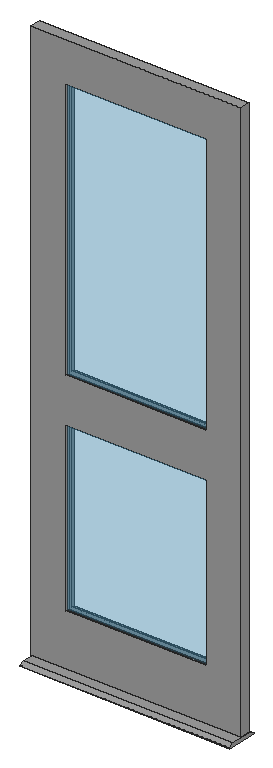
Revit family "PFM DOOR-1-CHD-SF_v02", category Curtain Panels, Revit 2015
Parameters
  Width [instance] = 3' - 2"
  URL = "obe.com"
  Rough Width [instance] = 3' - 0"
  Offset [instance] = 0' - 0"
  Model = "PFM DOOR"
  Min-Max Rough Width [instance] = if(and((Rough Width > 2' 11 255/256"), (Rough Width < 3' 6 1/256")), Rough Width, 3' 0")  # 3' - 0"
  Manufacturer = "Oldcastle BuildingEnvelope®"
  Keynote = "08 11 00"
  Hinge [instance] = yes
  Height [instance] = 8' - 0"
  Glass Material = Glass
  Frame Material = Aluminum
  Door Panel Height [instance] = Height + 0' 0 1/8"  # 8' - 0 1/8"
  Description = "PerforMax Wide Stile Entrances - 1\" Door Infill"
  Assembly Code = "B2030"
  Analytic Construction = "<None>"
  6 Bottom Rail [instance] = yes
  10 Bottom Rail [instance] = not([6 Bottom Rail])  # no
Reference planes (in)
  plane 1 "Front": y = 0
  plane 2: z = 0
  plane 3 "Center (Left/Right)": x = 0
  plane 4 "Left": x = -19
  plane 5 "Right": x = 19
  plane 6 "Top": z = 96
  plane 7: x = -18
  plane 8: x = 18
Text (in)
  text "Exterior" at (-54.29358, 31.38743, 0), in view "Ref. Level"
  text "Exterior" at (480, 41.53993, 89.60405), in view "Right"
  text "Exterior" at (-240, 57.82419, 105.78864), in view "Left"
Dimensions and locks (in)
  equal spacing: plane 4 "Left", plane 3 "Center (Left/Right)", plane 5 "Right"
  "Width": plane 4 "Left" to plane 5 "Right"
  "Height": plane 6 "Top" to plane 2
  equal spacing: plane 7, plane 3 "Center (Left/Right)", plane 8
  "Min-Max Rough Width": plane 7 to plane 8
  aligned and locked: level to plane 2
  aligned and locked: plane 3 "Center (Left/Right)" to nested 1
  aligned and locked: plane 1 "Front" to nested 1
Nested families (in)
  nested 1: "PFM DOOR-1-CHD-Panel_v02" at (0, -22, 0), Frame Material <- "Frame Material", Glass Material <- "Glass Material", Hinge <- "Hinge", Height <- "Door Panel Height", Width <- "Min-Max Rough Width", 6 Bottom Rail <- "6 Bottom Rail", Offset <- "Offset", type "PFM DOOR-1-CHD-Panel_v02"
    with built-in parameter 1001301 3' - 0", Pushbar Height 3' - 5 1/4", Offset 0' - 0", Hinge yes, built-in parameter 1001300 8' - 0 1/8", Glass Material Glass, Frame Material Aluminum, Bottom Rail 0' - 8 29/32", 6 Bottom Rail yes, 10 Bottom Rail no
Definition of nested family "PFM DOOR-1-CHD-Panel_v02"
  Parameters (values of type "PFM DOOR-1-CHD-Panel_v02")
    Width [instance] = 3' - 0"
    Rough Width = 3' - 6"
    Rough Height = 8' - 0"
    Pushbar Height [instance] = 3' - 5 1/4"  # constant formula
    Offset [instance] = 0' - 3"
    Hinge [instance] = yes
    Height [instance] = 8' - 0"
    Glass Material [instance] = none
    Frame Material [instance] = none
    Bottom Rail [instance] = if([10 Bottom Rail], 0' 10 29/32", 0' 8 29/32")  # 0' - 8 29/32"
    Analytic Construction = "<None>"
    6 Bottom Rail [instance] = yes
    10 Bottom Rail [instance] = not([6 Bottom Rail])  # no
  Reference planes (in)
    plane 1 "00": y = 18.03125
    plane 2: z = 0
    plane 3 "Center (Left/Right)": x = 0
    plane 4: z = 96
    plane 5: x = -18
    plane 6: x = 18
    plane 7 "Center (Front/Back)": y = 22
    plane 8 "Exterior": y = 18.53125
    plane 9: z = 48
    plane 10: z = 89.531
    plane 11: z = 8.90625
    plane 12: x = -12.4065
    plane 13 "Offset": y = 19
    plane 14: z = 37.9685
    plane 15: z = 44.5315
    plane 16: z = 41.25
    plane 17: z = 45.0625
    plane 18: x = 12.4065
  Forms (in)
    Sweep 1, solid, material <- "Frame Material"
      path origin (0, 18.03125, 0) x (1, 0, 0) y (0, 0, 1)
        loop
          line (-17.6875, 96) -> (17.6875, 96)
      profile origin (0, 18.03125, 96) x (0, 0, 1) y (0, -1, 0)
        loop
          line (-0.125, -0.875) -> (-0.125, 0.875) -> (-6.875, 0.875) -> (-6.875, 0.5) -> (-6.469, 0.5) -> (-6.469, -0.5) -> (-6.875, -0.5) -> (-6.875, -0.875) -> (-0.125, -0.875)
    Sweep 2, solid, material <- "Frame Material"
      path origin (0, 18.03125, 0) x (1, 0, 0) y (0, 0, 1)
        loop
          line (17.6875, 0) -> (-17.6875, 0)
      profile origin (0, 18.03125, 0) x (0, 0, -1) y (0, -1, 0)
        loop
          line (-9.4375, -0.5) -> (-9.4375, -0.875) -> (-0.6875, -0.875) -> (-0.6875, 0.875) -> (-9.4375, 0.875) -> (-9.4375, 0.5) -> (-8.90625, 0.5) -> (-8.90625, -0.5) -> (-9.4375, -0.5)
        loop
          line (-0.5, -1.0625) -> (-0.125, -1.8125) -> (0, -1.8125) -> (0, 3.1875) -> (-0.125, 3.1875) -> (-0.5, 2.4375) -> (-0.5, -1.0625)
    Sweep 3, solid, material <- "Frame Material"
      path origin (0, 18.03125, 0) x (1, 0, 0) y (0, 0, 1)
        loop
          line (18, 95.875) -> (18, 0.6875)
      profile origin (18, 18.03125, 48.28125) x (0, -1, 0) y (1, 0, 0)
        loop
          line (0.875, -6.0625) -> (0.875, -0.3125) -> (-0.875, -0.3125) -> (-0.875, -6.0625) -> (-0.5, -6.0625) -> (-0.5, -5.5935) -> (0.5, -5.5935) -> (0.5, -6.0625) -> (0.875, -6.0625)
    Sweep 4, solid, material <- "Frame Material"
      path origin (0, 18.03125, 0) x (1, 0, 0) y (0, 0, 1)
        loop
          line (-18, 95.875) -> (-18, 0.6875)
      profile origin (-18, 18.03125, 48.28125) x (0, -1, 0) y (1, 0, 0)
        loop
          line (-0.875, 0.3125) -> (0.875, 0.3125) -> (0.875, 6.06735) -> (0.5, 6.06735) -> (0.5, 5.5935) -> (-0.5, 5.5935) -> (-0.5, 6.06735) -> (-0.875, 6.06735) -> (-0.875, 0.3125)
    Extrusion 5, solid, material <- "Glass Material", detail levels coarse
      sketch origin (0, 0, 0) x (1, 0, 0) y (0, 1, 0)
        loop
          line (-12.4065, 18.53125) -> (-12.4065, 17.53125) -> (12.4065, 17.53125) -> (12.4065, 18.53125) -> (-12.4065, 18.53125)
      from 8.90625 to 37.9685
    Extrusion 6, solid, material <- "Glass Material", detail levels medium+fine
      sketch origin (0, 0, 0) x (1, 0, 0) y (0, 1, 0)
        loop
          line (-12.4065, 17.53125) -> (12.4065, 17.53125) -> (12.4065, 17.77925) -> (-12.4065, 17.77925) -> (-12.4065, 17.53125)
        loop
          line (12.4065, 18.53125) -> (-12.4065, 18.53125) -> (-12.4065, 18.28325) -> (12.4065, 18.28325) -> (12.4065, 18.53125)
      from 8.90625 to 37.9685
    Sweep 7, solid, material <- "Frame Material"
      path origin (0, 18.03125, 0) x (1, 0, 0) y (0, 0, 1)
        loop
          line (-12.4065, 41.25) -> (12.4065, 41.25)
      profile origin (0, 18.03125, 41.25) x (0, 0, 1) y (0, -1, 0)
        loop
          line (-3.6875, -0.5) -> (-3.6875, -0.875) -> (3.8125, -0.875) -> (3.8125, -0.5) -> (3.2815, -0.5) -> (3.2815, 0.5) -> (3.8125, 0.5) -> (3.8125, 0.875) -> (-3.6875, 0.875) -> (-3.6875, 0.5) -> (-3.2815, 0.5) -> (-3.2815, -0.5) -> (-3.6875, -0.5)
    Extrusion 8, solid, material <- "Glass Material", detail levels coarse
      sketch origin (0, 0, 42.25) x (1, 0, 0) y (0, 1, 0)
        loop
          line (-12.4065, 17.53125) -> (12.4065, 17.53125) -> (12.4065, 18.53125) -> (-12.4065, 18.53125) -> (-12.4065, 17.53125)
      from 2.2815 to 47.281
    Extrusion 9, solid, material <- "Glass Material", detail levels medium+fine
      sketch origin (0, 0, 42.25) x (1, 0, 0) y (0, 1, 0)
        loop
          line (-12.4065, 17.53125) -> (12.4065, 17.53125) -> (12.4065, 17.77925) -> (-12.4065, 17.77925) -> (-12.4065, 17.53125)
        loop
          line (12.4065, 18.53125) -> (-12.4065, 18.53125) -> (-12.4065, 18.28325) -> (12.4065, 18.28325) -> (12.4065, 18.53125)
      from 2.2815 to 47.281
  Cuts and joins
    joined: Sweep 1, Sweep 2, Sweep 3, Sweep 4, Sweep 7
  Lines and regions (in)
    model lines
      curve 1: line (12.4065, 18.53125, 89.531) -> (-11.969, 18.53125, 48)
      curve 2: line (-11.969, 18.53125, 48) -> (13.52897, 18.53125, 8.90625)
  Dimensions and locks (in)
    equal spacing: plane 5, plane 3 "Center (Left/Right)", plane 6
    "Offset": plane 13 "Offset" to plane 7 "Center (Front/Back)"
    equal spacing: level, plane 9, plane 4
    locked: Sweep 3 sketch curve to plane 4 at 0.125
    locked: Sweep 4 sketch curve to plane 4 at 0.125
    locked: plane 10 to plane 4 at 6.469
    "Bottom Rail": plane 11 to plane 2
    "Height": plane 4 to plane 2
    locked: Sweep 1 sketch curve to plane 10 at 0.406  (x2)
    locked: plane 11 to Sweep 2 sketch curve at 0.53125  (x2)
    "Width": plane 5 to plane 6
    locked: plane 5 to plane 12 at 5.5935
    locked: plane 6 to Sweep 2 sketch curve at 0.3125
    locked: Sweep 2 sketch curve to plane 5 at 0.3125
    locked: plane 6 to Sweep 1 sketch curve at 0.3125
    locked: Sweep 1 sketch curve to plane 5 at 0.3125
    equal spacing: plane 14, plane 16, plane 15
    plane 14 to plane 15 to plane 17 = 0' - 6.563" locked, 0' - 0.531" locked
    "Pushbar Height": plane 2 to plane 16
    Sweep 7 sketch curve to plane 14 = 0' - 0.406"
    locked: Sweep 7 sketch curve to plane 14 at 0.406
    Extrusion 8 sketch curve to plane 1 "00" to Extrusion 8 sketch curve = 0' - 0 1/2" locked, 0' - 0 1/2" locked
    locked: plane 18 to plane 6 at 5.5935
    Extrusion 9 sketch curve to Extrusion 9 sketch curve to plane 1 "00" to Extrusion 9 sketch curve to Extrusion 9 sketch curve = 0' - 0.248" locked, 0' - 0.252" locked, 0' - 0.252" locked, 0' - 0.248" locked
    plane 1 "00" to plane 8 "Exterior" to plane 13 "Offset" = 0' - 0 1/2" locked, 0' - 0 15/32" locked
    Extrusion 6 sketch curve to Extrusion 6 sketch curve to Extrusion 6 sketch curve to Extrusion 6 sketch curve to plane 13 "Offset" = 0' - 0.248" locked, 0' - 0.504" locked, 0' - 0.248" locked, 0' - 0 15/32" locked
    Extrusion 5 sketch curve to Extrusion 5 sketch curve to plane 13 "Offset" = 0' - 1" locked, 0' - 0 15/32" locked
    locked: plane 2 to Sweep 3 sketch curve at 0.6875
    locked: plane 2 to Sweep 4 sketch curve at 0.6875
    aligned and locked: plane 2 to level
    aligned and locked: Sweep 1 sketch curve to plane 4
    aligned and locked: Sweep 2 sketch curve to level
    aligned and locked: plane 9 to curve 1
    aligned and locked: plane 11 to Extrusion 6
    aligned and locked: Extrusion 5 to plane 12
    aligned and locked: Extrusion 6 to plane 12  (x4)
    aligned and locked: plane 11 to curve 2
    aligned and locked: cut or joined group of Sweep 1, Sweep 2, Sweep 3, Sweep 4, Sweep 7 to curve 1
    aligned and locked: plane 11 to Extrusion 5
    aligned and locked: Extrusion 6 sketch curve to plane 12  (x2)
    aligned and locked: Extrusion 5 sketch curve to plane 12
    aligned and locked: plane 14 to Extrusion 5
    aligned and locked: plane 14 to Extrusion 6
    aligned and locked: plane 16 to Sweep 7 sketch curve
    aligned and locked: Sweep 7 sketch curve to plane 15
    aligned and locked: Sweep 7 sketch curve to plane 17  (x2)
    aligned and locked: plane 14 to Sweep 7 sketch curve
    aligned and locked: Extrusion 9 sketch curve to plane 12  (x2)
    aligned and locked: Extrusion 9 sketch curve to plane 18  (x2)
    aligned and locked: plane 15 to Extrusion 9
    aligned and locked: plane 15 to Extrusion 8
    aligned and locked: Extrusion 9 to plane 10
    aligned and locked: Extrusion 8 to plane 10
    aligned and locked: plane 18 to Extrusion 6  (x2)
    aligned and locked: plane 18 to Extrusion 5
    aligned and locked: plane 18 to Extrusion 8
    aligned and locked: Sweep 3 sketch curve to plane 18
    aligned and locked: Sweep 4 sketch curve to plane 12
    aligned and locked: plane 3 "Center (Left/Right)" to nested 1
    aligned and locked: plane 13 "Offset" to nested 1
    aligned and locked: level to nested 2
    aligned and locked: nested 2 to plane 1 "00"
  Automatic sketch dimensions
    Sweep 1 sketch curve to Sweep 1 sketch curve = 0' - 0.406"
    profile plane to Sweep 1 sketch curve = 0' - 0 1/8"
    Sweep 1 sketch curve to plane 1 "00" = 0' - 0 7/8"
    Sweep 1 sketch curve to Sweep 1 sketch curve = 0' - 0 3/8"  (x2)
    plane 1 "00" to Sweep 1 sketch curve = 0' - 0 1/2"
    Sweep 2 sketch curve to profile plane = 0' - 0"
    Sweep 2 sketch curve to Sweep 2 sketch curve = 0' - 0 17/32"
    profile plane to Sweep 2 sketch curve = 0' - 0 1/2"
    profile plane to Sweep 2 sketch curve = 0' - 0 1/8"  (x2)
    Sweep 2 sketch curve to plane 1 "00" = 0' - 1 13/16"
    Sweep 2 sketch curve to plane 1 "00" = 0' - 0 7/8"
    Sweep 2 sketch curve to Sweep 2 sketch curve = 0' - 0 3/8"  (x2)
    plane 1 "00" to Sweep 2 sketch curve = 0' - 0 1/2"
    Sweep 2 sketch curve to Sweep 2 sketch curve = 0' - 1 9/16"
    Sweep 2 sketch curve to Sweep 2 sketch curve = 0' - 0 3/4"
    Extrusion 5 sketch curve to plane 6 = 0' - 5.5935"
    Extrusion 6 sketch curve to plane 6 = 0' - 5.5935"
    Extrusion 6 sketch curve to Extrusion 6 sketch curve = 0' - 0"
    curve 1 to plane 10 = 0' - 0"
    plane 12 to curve 2 = 0' - 0 7/16"
    curve 2 to plane 6 = 0' - 4.47103"
    Sweep 7 sketch curve to plane 1 "00" = 0' - 0 7/8"
    Sweep 7 sketch curve to Sweep 7 sketch curve = 0' - 0 3/8"  (x3)
    plane 1 "00" to Sweep 7 sketch curve = 0' - 0 1/2"  (x2)
    Extrusion 8 sketch curve to plane 12 = 0' - 0"
    Extrusion 8 sketch curve to plane 6 = 0' - 5.5935"
    Sweep 3 sketch curve to plane 1 "00" = 0' - 0 7/8"
    Sweep 3 sketch curve to plane 1 "00" = 0' - 0 1/2"
    plane 1 "00" to Sweep 3 sketch curve = 0' - 0 1/2"
    Sweep 3 sketch curve to Sweep 3 sketch curve = 0' - 0 3/8"
    profile plane to Sweep 3 sketch curve = 0' - 0 5/16"
    Sweep 3 sketch curve to Sweep 3 sketch curve = 0' - 0.469"  (x2)
    Sweep 3 sketch curve to plane 6 = 0' - 0"
    Sweep 4 sketch curve to plane 5 = 0' - 0"
    Sweep 7 sketch curve to plane 12 = 0' - 0"
    Sweep 7 sketch curve to plane 18 = 0' - 0"
    Sweep 4 sketch curve to profile plane = 0' - 0 5/16"
    Sweep 4 sketch curve to plane 1 "00" = 0' - 0 7/8"
    Sweep 4 sketch curve to plane 1 "00" = 0' - 0 1/2"
    plane 1 "00" to Sweep 4 sketch curve = 0' - 0 1/2"
    plane 1 "00" to Sweep 4 sketch curve = 0' - 0 7/8"
    Sweep 4 sketch curve to Sweep 4 sketch curve = 0' - 0.47385"  (x2)
    Sweep 2 sketch curve to Sweep 2 sketch curve = 0' - 0 3/16"  (x2)
  Nested families (in)
    nested 1: "PFM DOOR-1-CHD-Plan View" at (0, 19, 0), Width <- "Width", Hinge <- "Hinge", type "PFM DOOR-1-CHD-Plan View"
      with Width 3' - 0", Hinge yes
    nested 2: "PFM DOOR-1-CHD-Section" at (0, 18.03125, 0) x (0, -1, 0) z (1, 0, 0), Height <- "Rough Height", 6 Bottom Rail <- "6 Bottom Rail", type "PFM DOOR-1-CHD-Section"
      with Pushbar Height 3' - 5 1/4", Height 8' - 0", Bottom Rail 0' - 8 29/32", 6 Bottom Rail yes, 10 Bottom Rail no
  Definition of nested family "PFM DOOR-1-CHD-Plan View"
    Parameters (values of type "PFM DOOR-1-CHD-Plan View")
      Width [instance] = 3' - 6"
      Hinge [instance] = yes
    Reference planes (in)
      plane 1 "Center (Front/Back)": y = 0
      plane 2: z = 0
      plane 3 "Center (Left/Right)": x = 0
      plane 4: x = -21
      plane 5: x = 21
      plane 6: x = 19.57422
      plane 7: y = 42
      plane 8: y = 36.44166
      plane 9: x = -15.4065
      plane 10: x = 15.44148
    Lines and regions (in)
      detail lines, in view "Ref. Level", not visible
        curve 1: line (-15.4065, 0.5, 0) -> (15.44148, 0.5, 0)
        curve 2: line (15.44148, 0.252, 0) -> (-15.4065, 0.252, 0)
        curve 3: line (-15.4065, -0.252, 0) -> (15.44148, -0.252, 0)
        curve 4: line (15.44148, -0.5, 0) -> (-15.4065, -0.5, 0)
      detail lines, in view "Ref. Level"
        curve 5: line (19.07422, 36.44166, 0) -> (19.07422, 7.01467, 0)
        curve 14: line (20.07422, 36.44166, 0) -> (20.07422, 7.01467, 0)
        curve 15: arc (-20.6875, 0.875, 0) -> (-8.36914, 29.59843, 0) -> (20.44922, 41.69304, 0) r 41.69668
      detail lines, in view "Ref. Level", detail levels fine
        curve 6: line (19.13622, 36.44166, 0) -> (19.13622, 7.01467, 0)
        curve 7: line (19.19822, 36.44166, 0) -> (19.19822, 7.01467, 0)
        curve 8: line (19.26022, 36.44166, 0) -> (19.26022, 7.01467, 0)
        curve 11: line (19.88822, 36.44166, 0) -> (19.88822, 7.01467, 0)
        curve 12: line (19.95022, 36.44166, 0) -> (19.95022, 7.01467, 0)
        curve 13: line (20.01222, 36.44166, 0) -> (20.01222, 7.01467, 0)
      detail lines, in view "Ref. Level", detail levels medium+fine
        curve 9: line (19.32222, 36.44166, 0) -> (19.32222, 7.01467, 0)
        curve 10: line (19.82622, 36.44166, 0) -> (19.82622, 7.01467, 0)
    Dimensions and locks (in)
      "Width": plane 4 to plane 5
      equal spacing: plane 4, plane 3 "Center (Left/Right)", plane 5
      "Width": plane 1 "Center (Front/Back)" to plane 7
      nested 3 to plane 4 to plane 9 = 0' - 0 25/32" locked, 0' - 5.5935" locked
      plane 10 to plane 6 to plane 5 to nested 2 to nested 5 = 0' - 4.13274" locked, 0' - 1 109/256" locked, 0' - 0 25/32" locked, 0' - 1 15/32" locked
      plane 1 "Center (Front/Back)" to nested 5 to nested 1 = 0' - 0.05995" locked, 0' - 0.35593" locked
      plane 8 to plane 7 to nested 4 = 0' - 5.55834" locked, 0' - 0 25/32" locked
      aligned and locked: nested 2 to plane 1 "Center (Front/Back)"
      aligned and locked: nested 1 to plane 6
      aligned and locked: nested 4 to plane 6
    Automatic sketch dimensions
      curve 1 to plane 9 = 0' - 0"
      curve 4 to plane 9 = 0' - 0"
      curve 2 to plane 9 = 0' - 0"
      curve 3 to plane 9 = 0' - 0"
      curve 4 to plane 10 = 0' - 0"
      curve 2 to plane 10 = 0' - 0"
      curve 1 to plane 10 = 0' - 0"
      curve 3 to plane 10 = 0' - 0"
      plane 8 to curve 5 = 0' - 0"
      plane 8 to curve 6 = 0' - 0"
      plane 8 to curve 7 = 0' - 0"
      plane 8 to curve 8 = 0' - 0"
      plane 8 to curve 9 = 0' - 0"
      plane 8 to curve 10 = 0' - 0"
      plane 8 to curve 11 = 0' - 0"
      plane 8 to curve 12 = 0' - 0"
      plane 8 to curve 13 = 0' - 0"
      plane 8 to curve 14 = 0' - 0"
      plane 1 "Center (Front/Back)" to curve 15 = 0' - 0"
      curve 15 to plane 5 = 0' - 0"
      plane 4 to curve 15 = 0' - 0 5/16"
      plane 6 to curve 5 = 0' - 0 1/2"
      curve 5 to curve 6 = 0' - 0.062"
      curve 6 to curve 7 = 0' - 0.062"
      curve 7 to curve 8 = 0' - 0.062"
      curve 8 to curve 9 = 0' - 0.062"
      curve 10 to plane 6 = 0' - 0.252"
      curve 10 to curve 11 = 0' - 0.062"
      curve 11 to curve 12 = 0' - 0.062"
      curve 12 to curve 13 = 0' - 0.062"
      curve 13 to curve 14 = 0' - 0.062"
      curve 15 to plane 5 = 0' - 0 141/256"
      plane 1 "Center (Front/Back)" to curve 3 = 0' - 0.252"
      curve 4 to curve 3 = 0' - 0.248"
      curve 2 to plane 1 "Center (Front/Back)" = 0' - 0.252"
      curve 2 to curve 1 = 0' - 0.248"
      curve 15 to plane 1 "Center (Front/Back)" = 0' - 0 7/8"
      curve 5 to plane 1 "Center (Front/Back)" = 0' - 7.01467"
      curve 5 to curve 6 = 0' - 0"
      curve 6 to curve 14 = 0' - 0"
      curve 6 to curve 7 = 0' - 0"
      curve 13 to curve 14 = 0' - 0"
      curve 7 to curve 8 = 0' - 0"
      curve 12 to curve 13 = 0' - 0"
      curve 8 to curve 9 = 0' - 0"
      curve 11 to curve 12 = 0' - 0"
      curve 10 to curve 11 = 0' - 0"
    Nested families (in)
      nested 1: "HINGE STILE-DI" at (19.57422, 0.41588, 0) x (0, 1, 0) z (0, 0, 1), type "HINGE STILE-DI", in view "Ref. Level"
      nested 2: "HINGE STILE-DI" at (21.78125, 0, 0) x (-1, 0, 0) z (0, 0, 1), type "HINGE STILE-DI", in view "Ref. Level", not visible
      nested 3: "LOCK STILE-DI" at (-21.78125, 0, 0) x (-1, 0, 0) z (0, 0, 1), type "LOCK STILE-DI", in view "Ref. Level", not visible
      nested 4: "LOCK STILE-DI" at (19.57422, 42.78125, 0) x (0, 1, 0) z (0, 0, 1), type "LOCK STILE-DI", in view "Ref. Level"
      nested 5: "HINGE-DI" at (23.25, 0.05995, 0) x (-1, 0, 0) z (0, 0, 1), type "HINGE-DI 2", in view "Ref. Level"
    Definition of nested family "HINGE STILE-DI"
      Reference planes (in)
        plane 1 "Center (Front/Back)": y = 0
        plane 2: z = 0
        plane 3 "Center (Left/Right)": x = 0
      Lines and regions (in)
        detail lines, in view "Ref. Level"
          curve 1: line (1.09375, -0.875, 0) -> (6.84375, -0.875, 0)
          curve 2: line (6.84375, -0.875, 0) -> (6.84375, -0.5, 0)
          curve 3: line (6.84375, -0.5, 0) -> (6.37475, -0.5, 0)
          curve 4: line (6.37475, -0.5, 0) -> (6.37475, 0.5, 0)
          curve 5: line (6.37475, 0.5, 0) -> (6.84375, 0.5, 0)
          curve 6: line (6.84375, 0.5, 0) -> (6.84375, 0.875, 0)
          curve 7: line (6.84375, 0.875, 0) -> (1.32083, 0.875, 0)
          curve 8: arc (1.32083, 0.875, 0) -> (1.23501, 0.84113, 0) -> (1.19545, 0.75777, 0) r 0.12567
          curve 9: line (1.19545, 0.75777, 0) -> (1.09375, -0.875, 0)
    Definition of nested family "LOCK STILE-DI"
      Reference planes (in)
        plane 1 "Center (Front/Back)": y = 0
        plane 2: z = 0
        plane 3 "Center (Left/Right)": x = 0
      Lines and regions (in)
        detail lines, in view "Ref. Level"
          curve 1: line (-6.84375, 0.875, 0) -> (-1.32083, 0.875, 0)
          curve 2: arc (-1.32083, 0.875, 0) -> (-1.23501, 0.84113, 0) -> (-1.19545, 0.75777, 0) r 0.12567
          curve 3: line (-1.19545, 0.75777, 0) -> (-1.09375, -0.875, 0)
          curve 4: line (-1.09375, -0.875, 0) -> (-6.84375, -0.875, 0)
          curve 5: line (-6.84375, -0.875, 0) -> (-6.84375, -0.5, 0)
          curve 6: line (-6.84375, -0.5, 0) -> (-6.37475, -0.5, 0)
          curve 7: line (-6.37475, -0.5, 0) -> (-6.37475, 0.5, 0)
          curve 8: line (-6.37475, 0.5, 0) -> (-6.84375, 0.5, 0)
          curve 9: line (-6.84375, 0.5, 0) -> (-6.84375, 0.875, 0)
    Definition of nested family "HINGE-DI"
      Types (2): name
        HINGE-DI 2
        HINGE-DI
      Reference planes (in)
        plane 1 "Center (Front/Back)": y = 0
        plane 2: z = 0
        plane 3 "Center (Left/Right)": x = 0
  Definition of nested family "PFM DOOR-1-CHD-Section"
    Parameters (values of type "PFM DOOR-1-CHD-Section")
      Pushbar Height [instance] = 3' - 5 1/4"  # constant formula
      Height [instance] = 8' - 0"
      Bottom Rail [instance] = if([10 Bottom Rail], 0' 10 29/32", 0' 8 29/32")  # 0' - 10 29/32"
      6 Bottom Rail [instance] = no
      10 Bottom Rail [instance] = not([6 Bottom Rail])  # yes
    Reference planes (in)
      plane 1 "Center (Front/Back)": y = 0
      plane 2: z = 0
      plane 3 "Center (Left/Right)": x = 0
      plane 4: y = 89.531
      plane 5: y = 96
      plane 6: y = 10.90625
      plane 7: y = 41.25
      plane 8: y = 44.5315
      plane 9: y = 37.9685
      plane 10: y = 45.0625
    Lines and regions (in)
      detail lines, in view "Ref. Level"
        curve 1: line (-0.5, 89.531, 0) -> (-0.5, 44.5315, 0)
        curve 10: line (0.5, 89.531, 0) -> (0.5, 44.5315, 0)
        curve 11: line (0.5, 37.9685, 0) -> (0.5, 10.90625, 0)
        curve 18: line (-0.5, 37.9685, 0) -> (-0.5, 10.90625, 0)
      detail lines, in view "Ref. Level", detail levels fine
        curve 2: line (-0.438, 89.531, 0) -> (-0.438, 44.5315, 0)
        curve 3: line (-0.376, 89.531, 0) -> (-0.376, 44.5315, 0)
        curve 4: line (-0.314, 89.531, 0) -> (-0.314, 44.5315, 0)
        curve 7: line (0.314, 89.531, 0) -> (0.314, 44.5315, 0)
        curve 8: line (0.376, 89.531, 0) -> (0.376, 44.5315, 0)
        curve 9: line (0.438, 89.531, 0) -> (0.438, 44.5315, 0)
        curve 12: line (0.438, 37.9685, 0) -> (0.438, 10.90625, 0)
        curve 13: line (0.376, 37.9685, 0) -> (0.376, 10.90625, 0)
        curve 14: line (0.314, 37.9685, 0) -> (0.314, 10.90625, 0)
        curve 17: line (-0.314, 37.9685, 0) -> (-0.314, 10.90625, 0)
        curve 19: line (-0.376, 37.9685, 0) -> (-0.376, 10.90625, 0)
        curve 20: line (-0.438, 37.9685, 0) -> (-0.438, 10.90625, 0)
      detail lines, in view "Ref. Level", detail levels medium+fine
        curve 5: line (-0.252, 89.531, 0) -> (-0.252, 44.5315, 0)
        curve 6: line (0.252, 89.531, 0) -> (0.252, 44.5315, 0)
        curve 15: line (0.252, 37.9685, 0) -> (0.252, 10.90625, 0)
        curve 16: line (-0.252, 37.9685, 0) -> (-0.252, 10.90625, 0)
    Dimensions and locks (in)
      nested 1 to plane 5 to plane 4 = 0' - 2" locked, 0' - 6.469" locked
      "Height": plane 1 "Center (Front/Back)" to plane 5
      "Bottom Rail": plane 1 "Center (Front/Back)" to plane 6
      equal spacing: plane 9, plane 7, plane 8
      plane 9 to plane 8 to plane 10 = 0' - 6.563" locked, 0' - 0.531" locked
      "Pushbar Height": plane 1 "Center (Front/Back)" to plane 7
      aligned and locked: plane 3 "Center (Left/Right)" to nested 2
      aligned and locked: plane 3 "Center (Left/Right)" to nested 3
      aligned and locked: plane 4 to curve 1
      aligned and locked: plane 4 to curve 2
      aligned and locked: plane 4 to curve 3
      aligned and locked: plane 4 to curve 4
      aligned and locked: plane 4 to curve 5
      aligned and locked: plane 4 to curve 6
      aligned and locked: plane 4 to curve 7
      aligned and locked: plane 4 to curve 8
      aligned and locked: plane 4 to curve 9
      aligned and locked: plane 4 to curve 10
      aligned and locked: plane 3 "Center (Left/Right)" to nested 1
      aligned and locked: plane 6 to curve 11
      aligned and locked: plane 1 "Center (Front/Back)" to nested 2
      aligned and locked: plane 1 "Center (Front/Back)" to nested 3
      aligned and locked: plane 10 to nested 4
      aligned and locked: plane 9 to curve 11
    Automatic sketch dimensions
      plane 8 to curve 1 = 0' - 0"
      plane 9 to curve 18 = 0' - 0"
      plane 6 to curve 18 = 0' - 0"
      plane 9 to curve 20 = 0' - 0"
      plane 8 to curve 2 = 0' - 0"
      plane 6 to curve 20 = 0' - 0"
      plane 6 to curve 19 = 0' - 0"
      plane 8 to curve 3 = 0' - 0"
      plane 9 to curve 19 = 0' - 0"
      plane 6 to curve 17 = 0' - 0"
      plane 9 to curve 17 = 0' - 0"
      plane 8 to curve 4 = 0' - 0"
      plane 8 to curve 5 = 0' - 0"
      plane 9 to curve 16 = 0' - 0"
      plane 6 to curve 16 = 0' - 0"
      plane 6 to curve 15 = 0' - 0"
      plane 9 to curve 15 = 0' - 0"
      plane 8 to curve 6 = 0' - 0"
      plane 9 to curve 14 = 0' - 0"
      plane 6 to curve 14 = 0' - 0"
      plane 8 to curve 7 = 0' - 0"
      plane 6 to curve 13 = 0' - 0"
      plane 9 to curve 13 = 0' - 0"
      plane 8 to curve 8 = 0' - 0"
      plane 9 to curve 12 = 0' - 0"
      plane 8 to curve 9 = 0' - 0"
      plane 6 to curve 12 = 0' - 0"
      plane 8 to curve 10 = 0' - 0"
      curve 1 to plane 3 "Center (Left/Right)" = 0' - 0 1/2"
      curve 18 to plane 3 "Center (Left/Right)" = 0' - 0 1/2"
      curve 18 to curve 20 = 0' - 0.062"
      curve 1 to curve 2 = 0' - 0.062"
      curve 20 to curve 19 = 0' - 0.062"
      curve 2 to curve 3 = 0' - 0.062"
      curve 3 to curve 4 = 0' - 0.062"
      curve 19 to curve 17 = 0' - 0.062"
      curve 4 to curve 5 = 0' - 0.062"
      curve 17 to curve 16 = 0' - 0.062"
      plane 3 "Center (Left/Right)" to curve 15 = 0' - 0.252"
      plane 3 "Center (Left/Right)" to curve 6 = 0' - 0.252"
      curve 6 to curve 7 = 0' - 0.062"
      curve 15 to curve 14 = 0' - 0.062"
      curve 7 to curve 8 = 0' - 0.062"
      curve 14 to curve 13 = 0' - 0.062"
      curve 13 to curve 12 = 0' - 0.062"
      curve 8 to curve 9 = 0' - 0.062"
      curve 9 to curve 10 = 0' - 0.062"
      curve 12 to curve 11 = 0' - 0.062"
    Nested families (in)
      nested 1: "TOP RAIL-DI" at (0, 98, 0), type "TOP RAIL-DI", in view "Ref. Level"
      nested 2: "8 BOTTOM RAIL-DI" at (0, 9.4375, 0), visible <- "6 Bottom Rail", type "8 BOTTOM RAIL-DI", in view "Ref. Level"
      nested 3: "10 BOTTOM RAIL-DI" at (0, 11.4375, 0), visible <- "10 Bottom Rail", type "10 BOTTOM RAIL-DI", in view "Ref. Level"
      nested 4: "6 MUNTIN-DI" at (0, 45.0625, 0), type "6 MUNTIN-DI", in view "Ref. Level"
    Definition of nested family "TOP RAIL-DI"
      Reference planes (in)
        plane 1 "Center (Front/Back)": y = 0
        plane 2: z = 0
        plane 3 "Center (Left/Right)": x = 0
      Lines and regions (in)
        detail lines, in view "Ref. Level"
          curve 1: line (0.875, -8.875, 0) -> (0.875, -2.5, 0)
          curve 2: line (0.875, -2.5, 0) -> (0.875, -2.125, 0)
          curve 3: line (0.875, -2.125, 0) -> (-0.875, -2.125, 0)
          curve 4: line (-0.875, -2.125, 0) -> (-0.875, -8.875, 0)
          curve 5: line (-0.875, -8.875, 0) -> (-0.5, -8.875, 0)
          curve 6: line (-0.5, -8.875, 0) -> (-0.5, -8.469, 0)
          curve 7: line (-0.5, -8.469, 0) -> (0.5, -8.469, 0)
          curve 8: line (0.5, -8.469, 0) -> (0.5, -8.875, 0)
          curve 9: line (0.5, -8.875, 0) -> (0.875, -8.875, 0)
    Definition of nested family "8 BOTTOM RAIL-DI"
      Reference planes (in)
        plane 1 "Center (Front/Back)": y = 0
        plane 2: z = 0
        plane 3 "Center (Left/Right)": x = 0
      Lines and regions (in)
        detail lines, in view "Ref. Level"
          curve 1: line (0.875, 0, 0) -> (0.875, -8.75, 0)
          curve 2: line (0.875, -8.75, 0) -> (-0.875, -8.75, 0)
          curve 3: line (-0.875, -8.75, 0) -> (-0.875, 0, 0)
          curve 4: line (-0.875, 0, 0) -> (-0.5, 0, 0)
          curve 5: line (-0.5, 0, 0) -> (-0.5, -0.531, 0)
          curve 6: line (-0.5, -0.531, 0) -> (0.5, -0.531, 0)
          curve 7: line (0.5, -0.531, 0) -> (0.5, 0, 0)
          curve 8: line (0.5, 0, 0) -> (0.875, 0, 0)
          curve 9: line (-1.0625, -8.9375, 0) -> (2.4375, -8.9375, 0)
          curve 10: line (2.4375, -8.9375, 0) -> (3.17036, -9.30393, 0)
          curve 11: arc (3.17036, -9.30393, 0) -> (3.18287, -9.31536, 0) -> (3.1875, -9.33166, 0) r 0.031
          curve 12: line (3.1875, -9.33166, 0) -> (3.1875, -9.4375, 0)
          curve 13: line (3.1875, -9.4375, 0) -> (-1.8125, -9.4375, 0)
          curve 14: line (-1.8125, -9.4375, 0) -> (-1.8125, -9.33166, 0)
          curve 15: arc (-1.8125, -9.33166, 0) -> (-1.80787, -9.31536, 0) -> (-1.79536, -9.30393, 0) r 0.031
          curve 16: line (-1.79536, -9.30393, 0) -> (-1.0625, -8.9375, 0)
    Definition of nested family "10 BOTTOM RAIL-DI"
      Reference planes (in)
        plane 1 "Center (Front/Back)": y = 0
        plane 2: z = 0
        plane 3 "Center (Left/Right)": x = 0
      Lines and regions (in)
        detail lines, in view "Ref. Level"
          curve 1: line (0.875, 0, 0) -> (0.875, -10.75, 0)
          curve 2: line (0.875, -10.75, 0) -> (-0.875, -10.75, 0)
          curve 3: line (-0.875, -10.75, 0) -> (-0.875, 0, 0)
          curve 4: line (-0.875, 0, 0) -> (-0.5, 0, 0)
          curve 5: line (-0.5, 0, 0) -> (-0.5, -0.531, 0)
          curve 6: line (-0.5, -0.531, 0) -> (0.5, -0.531, 0)
          curve 7: line (0.5, -0.531, 0) -> (0.5, 0, 0)
          curve 8: line (0.5, 0, 0) -> (0.875, 0, 0)
          curve 9: line (3.1875, -11.4375, 0) -> (-1.8125, -11.4375, 0)
          curve 10: line (-1.8125, -11.4375, 0) -> (-1.8125, -11.33166, 0)
          curve 11: arc (-1.8125, -11.33166, 0) -> (-1.80787, -11.31536, 0) -> (-1.79536, -11.30393, 0) r 0.031
          curve 12: line (-1.79536, -11.30393, 0) -> (-1.0625, -10.9375, 0)
          curve 13: line (-1.0625, -10.9375, 0) -> (2.4375, -10.9375, 0)
          curve 14: line (2.4375, -10.9375, 0) -> (3.17036, -11.30393, 0)
          curve 15: arc (3.17036, -11.30393, 0) -> (3.18287, -11.31536, 0) -> (3.1875, -11.33166, 0) r 0.031
          curve 16: line (3.1875, -11.33166, 0) -> (3.1875, -11.4375, 0)
    Definition of nested family "6 MUNTIN-DI"
      Reference planes (in)
        plane 1 "Center (Front/Back)": y = 0
        plane 2: z = 0
        plane 3 "Center (Left/Right)": x = 0
      Lines and regions (in)
        detail lines, in view "Ref. Level"
          curve 1: line (0.875, -7.5, 0) -> (0.875, 0, 0)
          curve 2: line (0.875, 0, 0) -> (0.5, 0, 0)
          curve 3: line (0.5, 0, 0) -> (0.5, -0.531, 0)
          curve 4: line (0.5, -0.531, 0) -> (-0.5, -0.531, 0)
          curve 5: line (-0.5, -0.531, 0) -> (-0.5, 0, 0)
          curve 6: line (-0.5, 0, 0) -> (-0.875, 0, 0)
          curve 7: line (-0.875, 0, 0) -> (-0.875, -7.5, 0)
          curve 8: line (-0.875, -7.5, 0) -> (-0.5, -7.5, 0)
          curve 9: line (-0.5, -7.5, 0) -> (-0.5, -7.094, 0)
          curve 10: line (-0.5, -7.094, 0) -> (0.5, -7.094, 0)
          curve 11: line (0.5, -7.094, 0) -> (0.5, -7.5, 0)
          curve 12: line (0.5, -7.5, 0) -> (0.875, -7.5, 0)
